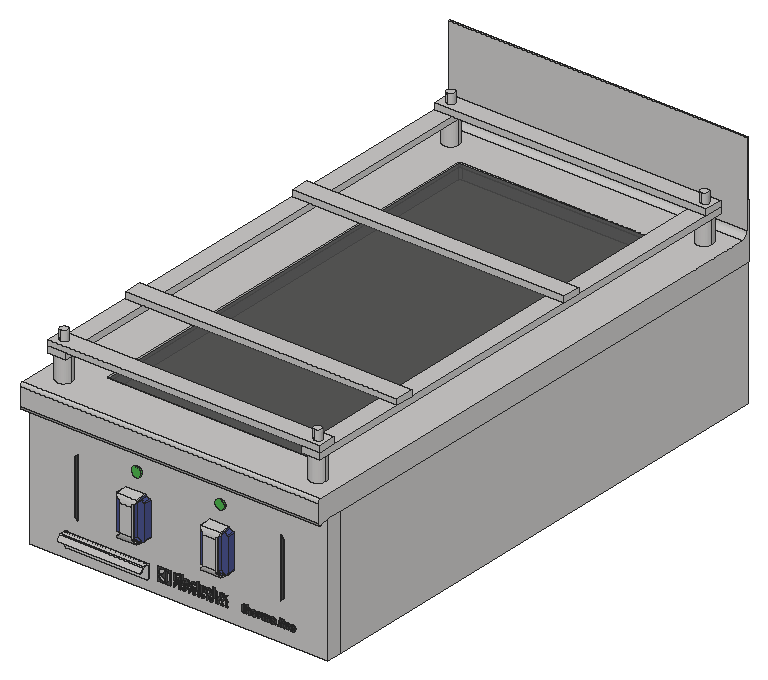
Revit family "QF_ELECTROLUXPROFESSIONAL_589926_HCIBBBEODM", category Specialty Equipment, Revit 2023
Family settings
  Round Connector Dimension = Use Diameter
  Part Type = Normal
  Work Plane-Based = No
  Enable Cutting in Views = No
  Always vertical = Yes
  Cut with Voids When Loaded = No
  Maintain Annotation Orientation = No
  Shared = No
  Room Calculation Point = No
Parameters (values of type "Standard")
  Weight = 55.00 kg
  Watts = 0 W
  Volts = 440 V
  URL Manufacturer = "http://www.electroluxprofessional.com"
  URL = "http://www.electroluxprofessional.com"
  ThermaLine_Logo_Visible [instance] = yes
  Steam Supply Size = 0"
  Steam Supply Minimum Pressure = 0.00 psi
  Steam Supply Maximum Pressure = 0.00 psi
  Steam Consumption per Hour = 0
  Refrigeration Suction Line Size = 0 mm
  Refrigeration Liquid Line Size = 0 mm
  Refrigerant Compressor Remote = yes
  Default Elevation = 0 mm
  Phase = 3
  Model = "HCIBBBEODM"
  Manufacturer = "Electrolux Professional"
  Length Actual = 500 mm
  Item Number = "589926"
  Hot Water Size = 0"
  Height Actual = 250 mm
  HP = "13.4 HP"
  Gas Size = 0"
  Gas KW = 0
  Gas Input Pressure = 0.0 Btu/h
  Electrolux_Logo_Visible [instance] = yes
  Direct Waste Size = 0"
  Description = "INDUCTION TOP, 2 ZONES, 1-SIDE, SPLASHBACK, 500X900X250H MARINE USPHS (ONLY M2M)"
  Depth Actual = 900 mm
  Cycle = 60 Hz
  Condensate Return Size = 0"
  Compressed Air Volume = 0 GPM
  Compressed Air Size = 0"
  Compressed Air Pressure = 0.00 psi
  Cold Water Size = 0"
  Accessory = no
Reference planes
  plane 1 "BACK": y = 0
  plane 2: z = 0
  plane 3 "LEFT": x = 0
  plane 4 "RIGHT": x = 500
  plane 5 "FRONT": y = -900
  plane 6 "TOP": z = 900
  plane 7 "Center (Left/Right)": x = 250
  plane 8: y = -450
  plane 9: y = -150
  plane 10: x = 80
  plane 11: x = 420
  plane 12: y = -80
  plane 13: y = -820
  plane 14 "EIx": x = 455
  plane 15: z = 938
  plane 16 "BaseTop": z = 650
  plane 17: y = -855
  plane 18: z = 975
  plane 19 "EI_Y": y = -410
Forms (mm)
  Extrusion 1, solid, material "QF_Finishes_Stainless Steel"
    sketch origin (-178.969, -4572, 100) x (-1, 0, 0) y (0, -1, 0)
      loop
        line (-178.969, -4572) -> (-178.969, -3717) -> (-678.969, -3717) -> (-678.969, -4572) -> (-178.969, -4572)
    from 550 to 762.969
  Extrusion 2, solid, material "QF_Finishes_Stainless Steel"
    sketch origin (0, 0, 650) x (-1, 0, 0) y (0, -1, 0)
      loop
        circle (-455, 410) r 10
    from 0 to -11.851
  Extrusion 3, solid, material "QF_Finishes_Stainless Steel"
    sketch origin (250, 296.4, 1219.2) x (0, 1, 0) y (0, 0, 1)
      loop
        arc (-1191.4, -319.2) -> (-1194.935, -320.664) -> (-1196.4, -324.2) r 5
        line (-1196.4, -324.2) -> (-1196.4, -355.2)
        arc (-1196.4, -355.2) -> (-1194.971, -358.264) -> (-1191.705, -359.139) r 4
        line (-1191.705, -359.139) -> (-1176.4, -356.231) -> (-296.4, -356.231) -> (-296.4, -169.2) -> (-298.4, -169.2) -> (-298.4, -309.2)
        arc (-298.4, -309.2) -> (-301.329, -316.271) -> (-308.4, -319.2) r 10
        line (-308.4, -319.2) -> (-1191.4, -319.2)
    from -250 to 250
  Extrusion 4, solid, material "QF_Finishes_Electrolux_Black Smoke Iluminated"
    sketch origin (0, 0, 900) x (-1, 0, 0) y (0, -1, 0)
      loop
        arc (-84, 82) -> (-82.586, 82.586) -> (-82, 84) r 2
        line (-82, 84) -> (-82, 816)
        arc (-82, 816) -> (-82.586, 817.414) -> (-84, 818) r 2
        line (-84, 818) -> (-416, 818)
        arc (-416, 818) -> (-417.414, 817.414) -> (-418, 816) r 2
        line (-418, 816) -> (-418, 84)
        arc (-418, 84) -> (-417.414, 82.586) -> (-416, 82) r 2
        line (-416, 82) -> (-84, 82)
    from 0 to -6
  Extrusion 5, void
    sketch origin (0, 0, 900) x (-1, 0, 0) y (0, -1, 0)
      loop
        arc (-80, 816) -> (-81.172, 818.828) -> (-84, 820) r 4
        line (-84, 820) -> (-416, 820)
        arc (-416, 820) -> (-418.828, 818.828) -> (-420, 816) r 4
        line (-420, 816) -> (-420, 84)
        arc (-420, 84) -> (-418.828, 81.172) -> (-416, 80) r 4
        line (-416, 80) -> (-84, 80)
        arc (-84, 80) -> (-81.172, 81.172) -> (-80, 84) r 4
        line (-80, 84) -> (-80, 816)
    from -0.023 to -25
  Extrusion 6, solid, material "QF_Finishes_Stainless Steel"
    sketch origin (97.5, 0, 930) x (0, 1, 0) y (-1, 0, 0)
      loop
        line (-30, 75) -> (-60, 75) -> (-60, -380) -> (-30, -380) -> (-30, 75)
      loop
        line (-870, 75) -> (-870, -380) -> (-840, -380) -> (-840, 75) -> (-870, 75)
      loop
        circle (-855, 60) r 6.5
      loop
        circle (-855, -365) r 6.5
      loop
        circle (-45, 60) r 6.5
      loop
        circle (-45, -365) r 6.5
    from 20 to 30
  Extrusion 7, solid, material "QF_Finishes_Stainless Steel"
    sketch origin (97.5, 0, 940) x (0, 1, 0) y (-1, 0, 0)
      loop
        line (-30, 75) -> (-870, 75) -> (-870, 45) -> (-30, 45) -> (-30, 75)
      loop
        line (-30, -380) -> (-30, -350) -> (-870, -350) -> (-870, -380) -> (-30, -380)
      loop
        circle (-45, 60) r 6.5
      loop
        circle (-45, -365) r 6.5
      loop
        circle (-855, 60) r 6.5
      loop
        circle (-855, -365) r 6.5
    from 0 to 10
  Extrusion 8, solid, material "QF_Finishes_Stainless Steel"
    sketch origin (97.5, 0, 950) x (0, 1, 0) y (-1, 0, 0)
      loop
        line (-327.5, 75) -> (-357.5, 75) -> (-357.5, -380) -> (-327.5, -380) -> (-327.5, 75)
      loop
        line (-677.5, 75) -> (-707.5, 75) -> (-707.5, -380) -> (-677.5, -380) -> (-677.5, 75)
    from 0 to 10
  Extrusion 9, solid, material "QF_Finishes_Stainless Steel"
    sketch origin (97.5, -1, 900) x (-1, 0, 0) y (0, -1, 0)
      loop
        circle (60, 44) r 13
      loop
        circle (-365, 44) r 13
      loop
        circle (60, 854) r 13
      loop
        circle (-365, 854) r 13
    from 0 to 40
  Extrusion 10, solid, material "QF_Finishes_Stainless Steel"
    sketch origin (97.5, -1, 940) x (0, 1, 0) y (-1, 0, 0)
      loop
        circle (-854, 60) r 6.5
      loop
        circle (-854, -365) r 6.5
      loop
        circle (-44, 60) r 6.5
      loop
        circle (-44, -365) r 6.5
    from 0 to 35
  Extrusion 11, solid, material "QF_Clearances", detail levels coarse
    sketch origin (0, -900, 0) x (1, 0, 0) y (0, 0, 1)
      loop
        line (0, 650) -> (0, 630) -> (500, 630) -> (500, 650) -> (0, 650)
    from -20 to -70
Cuts and joins
  Extrusion 5 cuts Extrusion 3
Lines and regions (mm)
  symbolic lines
    curve 1: line (0, 0, 100) -> (500, 0, 100)
    curve 2: line (0, -900, 100) -> (0, 0, 100)
    curve 3: line (500, -900, 100) -> (0, -900, 100)
    curve 4: line (500, 0, 100) -> (500, -900, 100)
    curve 5: line (80, -820, 0) -> (420, -820, 0)
    curve 6: line (420, -820, 0) -> (420, -707.5, 0)
    curve 7: line (420, -80, 0) -> (80, -80, 0)
    curve 8: line (80, -80, 0) -> (80, -327.5, 0)
    curve 9: line (477.5, -30, 940) -> (22.5, -30, 940)
    curve 10: line (22.5, -30, 940) -> (22.5, -870, 940)
    curve 11: line (477.5, -870, 940) -> (477.5, -30, 940)
    curve 12: line (22.5, -870, 940) -> (477.5, -870, 940)
    curve 13: line (52.5, -840, 940) -> (52.5, -707.5, 940)
    curve 14: line (22.5, -707.5, 940) -> (477.5, -707.5, 940)
    curve 15: line (477.5, -677.5, 940) -> (22.5, -677.5, 940)
    curve 16: line (22.5, -357.5, 940) -> (477.5, -357.5, 940)
    curve 17: line (477.5, -327.5, 940) -> (22.5, -327.5, 940)
    curve 18: line (52.5, -60, 940) -> (52.5, -327.5, 940)
    curve 19: line (52.5, -357.5, 940) -> (52.5, -677.5, 940)
    curve 20: line (52.5, -707.5, 940) -> (52.5, -840, 940)
    curve 21: line (22.5, -840, 940) -> (477.5, -840, 940)
    curve 22: line (447.5, -60, 940) -> (447.5, -327.5, 940)
    curve 23: line (447.5, -357.5, 940) -> (447.5, -677.5, 940)
    curve 24: line (447.5, -707.5, 940) -> (447.5, -840, 940)
    curve 25: line (22.5, -60, 940) -> (477.5, -60, 940)
    curve 26: circle (37.5, -45, 940) r 6.5 normal (0, 0, -1)
    curve 27: circle (462.5, -45, 940) r 6.5 normal (0, 0, -1)
    curve 28: circle (37.5, -855, 940) r 6.5 normal (0, 0, 1)
    curve 29: circle (462.5, -855, 940) r 6.5 normal (0, 0, 1)
    curve 30: line (80, -357.5, 0) -> (80, -677.5, 0)
    curve 31: line (420, -327.5, 0) -> (420, -80, 0)
    curve 32: line (420, -677.5, 0) -> (420, -357.5, 0)
    curve 33: line (80, -707.5, 0) -> (80, -820, 0)
    curve 66: line (112.947, -327.5, 0) -> (112.947, -169.335, 0)
    curve 67: line (387.053, -327.5, 0) -> (387.053, -169.335, 0)
    curve 68: line (112.947, -707.5, 0) -> (112.947, -730.665, 0)
    curve 69: line (387.053, -707.5, 0) -> (387.053, -730.665, 0)
  model lines
    curve 34: line (130.624, -422.012, 900) -> (112.947, -404.335, 900)
    curve 35: line (112.947, -169.335, 900) -> (130.624, -151.657, 900)
    curve 36: line (250, -245.603, 900) -> (250, -325.603, 900)
    curve 37: line (210, -285.603, 900) -> (290, -285.603, 900)
    curve 38: line (369.376, -422.012, 900) -> (387.053, -404.335, 900)
    curve 39: line (387.053, -169.335, 900) -> (369.376, -151.657, 900)
    curve 40: line (130.624, -477.988, 900) -> (112.947, -495.665, 900)
    curve 41: line (112.947, -495.665, 900) -> (112.947, -730.665, 900)
    curve 42: line (112.947, -730.665, 900) -> (130.624, -748.343, 900)
    curve 43: line (250, -654.397, 900) -> (250, -574.397, 900)
    curve 44: line (210, -614.397, 900) -> (290, -614.397, 900)
    curve 45: line (369.376, -477.988, 900) -> (387.053, -495.665, 900)
    curve 46: line (387.053, -495.665, 900) -> (387.053, -730.665, 900)
    curve 47: line (387.053, -730.665, 900) -> (369.376, -748.343, 900)
    curve 48: line (112.947, -404.335, 900) -> (112.947, -169.335, 900)
    curve 49: line (387.053, -404.335, 900) -> (387.053, -169.335, 900)
  symbolic lines, style "SpecialityEquipment"
    curve 50: line (130.624, -422.012, 0) -> (112.947, -404.335, 0)
    curve 51: line (112.947, -169.335, 0) -> (130.624, -151.657, 0)
    curve 52: line (250, -245.603, 0) -> (250, -325.603, 0)
    curve 53: line (210, -285.603, 0) -> (290, -285.603, 0)
    curve 54: line (369.376, -422.012, 0) -> (387.053, -404.335, 0)
    curve 55: line (387.053, -169.335, 0) -> (369.376, -151.657, 0)
    curve 56: line (130.624, -477.988, 0) -> (112.947, -495.665, 0)
    curve 57: line (112.947, -495.665, 0) -> (112.947, -677.5, 0)
    curve 58: line (112.947, -730.665, 0) -> (130.624, -748.343, 0)
    curve 59: line (250, -654.397, 0) -> (250, -574.397, 0)
    curve 60: line (210, -614.397, 0) -> (290, -614.397, 0)
    curve 61: line (369.376, -477.988, 0) -> (387.053, -495.665, 0)
    curve 62: line (387.053, -495.665, 0) -> (387.053, -677.5, 0)
    curve 63: line (387.053, -730.665, 0) -> (369.376, -748.343, 0)
    curve 64: line (112.947, -404.335, 0) -> (112.947, -357.5, 0)
    curve 65: line (387.053, -404.335, 0) -> (387.053, -357.5, 0)
Dimensions and locks
  plane 3 "LEFT" to plane 4 "RIGHT" = 500 mm
  locked: plane 5 "FRONT" to plane 1 "BACK" at 900
  equal spacing: plane 3 "LEFT", plane 7 "Center (Left/Right)", plane 4 "RIGHT"
  equal spacing: plane 5 "FRONT", plane 8, plane 1 "BACK"
  plane 6 "TOP" to level = 900 mm  (x2)
  plane 1 "BACK" to plane 9 = 150 mm
  locked: plane 14 "EIx" to plane 4 "RIGHT" at 45
  plane 15 to plane 6 "TOP" = 38 mm
  plane 12 to plane 1 "BACK" = 80 mm
  plane 5 "FRONT" to plane 13 = 80 mm
  plane 3 "LEFT" to plane 10 = 80 mm
  plane 11 to plane 4 "RIGHT" = 80 mm
  locked: plane 6 "TOP" to plane 16 "BaseTop" at 250
  locked: plane 17 to plane 5 "FRONT" at 45
  plane 18 to plane 6 "TOP" = 75 mm
  plane 19 "EI_Y" to plane 1 "BACK" = 410 mm
  aligned and locked: level to plane 2
  aligned and locked: cut or joined group of Extrusion 3, Extrusion 5 to plane 3 "LEFT"
  aligned and locked: cut or joined group of Extrusion 3, Extrusion 5 to plane 4 "RIGHT"
  aligned and locked: Extrusion 5 sketch curve to plane 10
  aligned and locked: plane 12 to Extrusion 5 sketch curve
  aligned and locked: plane 11 to Extrusion 5 sketch curve
  aligned and locked: Extrusion 5 sketch curve to plane 13
  aligned and locked: nested 1 to plane 17
  aligned and locked: Extrusion 1 to plane 17
  aligned and locked: plane 3 "LEFT" to nested 1
Automatic sketch dimensions
  Extrusion 1 sketch curve to plane 4 "RIGHT" = 0 mm
  Extrusion 1 sketch curve to plane 3 "LEFT" = 0 mm
  Extrusion 1 sketch curve to plane 17 = 0 mm
  Extrusion 1 sketch curve to plane 12 = 80 mm
  plane 1 "BACK" to curve 1 = 0 mm
  curve 1 to plane 4 "RIGHT" = 0 mm
  curve 3 to plane 3 "LEFT" = 0 mm
  plane 5 "FRONT" to curve 3 = 0 mm
  Extrusion 6 sketch curve to plane 17 = 0 mm  (x2)
  Extrusion 6 sketch curve to plane 17 = 15 mm
  plane 17 to Extrusion 6 sketch curve = 15 mm
  Extrusion 6 sketch curve to plane 12 = 20 mm
  Extrusion 6 sketch curve to Extrusion 6 sketch curve = 15 mm  (x7)
  Extrusion 6 sketch curve to plane 14 "EIx" = 7.5 mm  (x2)
  plane 3 "LEFT" to Extrusion 6 sketch curve = 37.5 mm  (x2)
  Extrusion 7 sketch curve to plane 17 = 0 mm  (x2)
  plane 14 "EIx" to Extrusion 7 sketch curve = 7.5 mm
  Extrusion 7 sketch curve to plane 17 = 15 mm  (x2)
  Extrusion 7 sketch curve to plane 12 = 35 mm  (x2)
  Extrusion 7 sketch curve to plane 14 "EIx" = 7.5 mm  (x2)
  Extrusion 7 sketch curve to Extrusion 7 sketch curve = 15 mm  (x6)
  plane 10 to Extrusion 7 sketch curve = 27.5 mm
  Extrusion 9 sketch curve to plane 17 = 0 mm  (x2)
  Extrusion 9 sketch curve to plane 14 "EIx" = 7.5 mm  (x2)
  plane 3 "LEFT" to Extrusion 9 sketch curve = 37.5 mm  (x2)
  Extrusion 9 sketch curve to plane 12 = 35 mm  (x2)
  Extrusion 10 sketch curve to plane 17 = 0 mm  (x2)
  Extrusion 10 sketch curve to plane 14 "EIx" = 7.5 mm  (x2)
  Extrusion 10 sketch curve to plane 12 = 35 mm  (x2)
  plane 3 "LEFT" to Extrusion 10 sketch curve = 37.5 mm  (x2)
  curve 45 to plane 8 = 45.665 mm
  curve 39 to plane 9 = 19.335 mm
  curve 40 to plane 8 = 45.665 mm
  plane 8 to curve 34 = 45.665 mm
  curve 34 to curve 40 = 0 mm
  curve 35 to plane 9 = 19.335 mm
  curve 39 to plane 9 = 1.657 mm
  curve 49 to curve 39 = 17.678 mm
  curve 45 to plane 8 = 27.988 mm
  curve 45 to curve 45 = 17.678 mm
  plane 8 to curve 38 = 27.988 mm
  curve 38 to curve 38 = 17.678 mm
  curve 37 to curve 36 = 40 mm  (x2)
  curve 44 to curve 43 = 40 mm  (x2)
  curve 36 to curve 37 = 40 mm  (x2)
  curve 43 to curve 44 = 40 mm  (x2)
  plane 8 to curve 34 = 27.988 mm
  curve 34 to curve 34 = 17.678 mm
  curve 35 to plane 9 = 1.657 mm
  curve 35 to curve 48 = 17.678 mm
  curve 40 to plane 8 = 27.988 mm
  curve 40 to curve 40 = 17.678 mm
  curve 36 to plane 9 = 95.603 mm
  plane 3 "LEFT" to Extrusion 8 sketch curve = 22.5 mm  (x2)
  plane 8 to Extrusion 8 sketch curve = 92.5 mm
  Extrusion 8 sketch curve to Extrusion 8 sketch curve = 30 mm  (x2)
  plane 4 "RIGHT" to Extrusion 8 sketch curve = 22.5 mm  (x2)
  plane 10 to curve 20 = 27.5 mm
  plane 14 "EIx" to curve 24 = 7.5 mm
  plane 17 to curve 24 = 15 mm
  plane 10 to curve 19 = 27.5 mm
  plane 8 to curve 19 = 92.5 mm
  plane 14 "EIx" to curve 22 = 7.5 mm
  curve 23 to curve 22 = 30 mm
  curve 25 to plane 12 = 20 mm
  plane 14 "EIx" to curve 23 = 7.5 mm
  plane 4 "RIGHT" to curve 14 = 22.5 mm
  plane 4 "RIGHT" to curve 17 = 22.5 mm
  plane 4 "RIGHT" to curve 16 = 22.5 mm
  plane 4 "RIGHT" to curve 15 = 22.5 mm
  plane 10 to curve 18 = 27.5 mm
  curve 13 to curve 20 = 0 mm
  plane 3 "LEFT" to curve 15 = 22.5 mm
  plane 3 "LEFT" to curve 14 = 22.5 mm
  plane 3 "LEFT" to curve 16 = 22.5 mm
  plane 3 "LEFT" to curve 17 = 22.5 mm
  curve 5 to plane 10 = 0 mm
  curve 30 to plane 10 = 0 mm
  curve 8 to plane 10 = 0 mm
  curve 6 to plane 11 = 0 mm
  curve 31 to plane 11 = 0 mm
  curve 32 to plane 11 = 0 mm
  plane 13 to curve 5 = 0 mm
  plane 12 to curve 8 = 0 mm
  plane 8 to curve 32 = 92.5 mm
  plane 8 to curve 30 = 92.5 mm
  curve 32 to curve 31 = 30 mm
  curve 30 to curve 8 = 30 mm
  curve 33 to plane 13 = 112.5 mm
  curve 6 to plane 13 = 112.5 mm
  curve 6 to curve 32 = 30 mm
  curve 33 to curve 30 = 30 mm
  Extrusion 8 sketch curve to plane 13 = 142.5 mm
  curve 13 to plane 13 = 112.5 mm
  curve 14 to curve 15 = 30 mm
  curve 43 to plane 8 = 124.397 mm
  Extrusion 2 sketch curve to plane 14 "EIx" = 0 mm
  Extrusion 2 sketch curve to plane 19 "EI_Y" = 0 mm
  plane 10 to Extrusion 11 sketch curve = 80 mm
  Extrusion 11 sketch curve to plane 16 "BaseTop" = 20 mm
  Extrusion 11 sketch curve to plane 4 "RIGHT" = 0 mm
  Extrusion 11 sketch curve to plane 18 = 325 mm
  Extrusion 3 sketch curve to plane 5 "FRONT" = 0 mm
  Extrusion 3 sketch curve to plane 6 "TOP" = 0 mm
  Extrusion 3 sketch curve to plane 1 "BACK" = 0 mm
  Extrusion 3 sketch curve to Extrusion 3 sketch curve = 4 mm
  Extrusion 3 sketch curve to Extrusion 3 sketch curve = 0.695 mm
  Extrusion 3 sketch curve to plane 5 "FRONT" = 5 mm
  Extrusion 3 sketch curve to Extrusion 3 sketch curve = 15.305 mm
  plane 1 "BACK" to Extrusion 3 sketch curve = 2 mm
  Extrusion 3 sketch curve to Extrusion 3 sketch curve = 31 mm
  Extrusion 3 sketch curve to plane 6 "TOP" = 37.031 mm
  plane 6 "TOP" to Extrusion 3 sketch curve = 10 mm
  plane 18 to Extrusion 3 sketch curve = 75 mm
  curve 36 to plane 7 "Center (Left/Right)" = 0 mm
  curve 43 to plane 7 "Center (Left/Right)" = 0 mm
  curve 42 to plane 13 = 89.335 mm
  curve 42 to plane 10 = 32.947 mm
  plane 11 to curve 46 = 32.947 mm
  plane 11 to Extrusion 4 sketch curve = 2 mm
  plane 12 to Extrusion 4 sketch curve = 2 mm
  Extrusion 4 sketch curve to Extrusion 4 sketch curve = 2 mm  (x3)
  Extrusion 4 sketch curve to plane 10 = 4 mm  (x2)
  Extrusion 4 sketch curve to plane 13 = 4 mm
  plane 11 to Extrusion 5 sketch curve = 4 mm  (x2)
  Extrusion 5 sketch curve to Extrusion 5 sketch curve = 4 mm  (x2)
  curve 42 to curve 42 = 17.678 mm  (x2)
  plane 11 to curve 38 = 32.947 mm
  curve 47 to plane 13 = 89.335 mm
  curve 47 to curve 47 = 17.678 mm  (x2)
  plane 19 "EI_Y" to curve 50 = 5.665 mm
  curve 50 to plane 10 = 32.947 mm
  curve 50 to plane 19 "EI_Y" = 12.012 mm
  curve 50 to curve 50 = 17.678 mm
  curve 51 to plane 9 = 1.657 mm
  curve 51 to curve 51 = 17.678 mm
  curve 51 to plane 9 = 19.335 mm
  curve 52 to plane 7 "Center (Left/Right)" = 0 mm
  plane 19 "EI_Y" to curve 52 = 84.397 mm
  curve 52 to curve 52 = 80 mm
  curve 53 to plane 7 "Center (Left/Right)" = 40 mm
  plane 7 "Center (Left/Right)" to curve 53 = 40 mm
  curve 53 to curve 52 = 40 mm
  curve 54 to plane 19 "EI_Y" = 12.012 mm
  plane 11 to curve 54 = 50.624 mm
  plane 19 "EI_Y" to curve 54 = 5.665 mm
  curve 54 to curve 54 = 17.678 mm
  curve 55 to plane 9 = 1.657 mm
  curve 55 to curve 55 = 17.678 mm
  curve 55 to plane 9 = 19.335 mm
  curve 56 to curve 56 = 17.678 mm  (x2)
  curve 56 to plane 8 = 45.665 mm
  curve 68 to plane 10 = 32.947 mm
  curve 68 to curve 33 = 23.165 mm
  curve 68 to curve 58 = 17.678 mm
  curve 58 to curve 68 = 17.678 mm
  curve 59 to plane 7 "Center (Left/Right)" = 0 mm
  curve 58 to curve 59 = 93.946 mm
  curve 59 to curve 59 = 80 mm
  curve 60 to plane 7 "Center (Left/Right)" = 40 mm
  plane 7 "Center (Left/Right)" to curve 60 = 40 mm
  curve 59 to curve 60 = 40 mm
  plane 11 to curve 61 = 50.624 mm
  curve 61 to curve 61 = 17.678 mm  (x2)
  curve 61 to plane 8 = 45.665 mm
  curve 69 to curve 6 = 23.165 mm
  curve 63 to curve 69 = 17.678 mm  (x2)
  plane 19 "EI_Y" to curve 49 = 5.665 mm
  curve 30 to curve 66 = 30 mm
  curve 32 to curve 67 = 30 mm
  curve 57 to curve 30 = 0 mm
  curve 69 to curve 32 = 30 mm
  curve 57 to plane 10 = 32.947 mm
  curve 68 to curve 57 = 30 mm
  curve 69 to curve 62 = 0 mm
  curve 69 to curve 62 = 30 mm
  plane 11 to curve 55 = 32.947 mm
  curve 65 to curve 67 = 30 mm
  curve 66 to plane 10 = 32.947 mm
  curve 64 to curve 66 = 30 mm
  plane 3 "LEFT" to curve 25 = 22.5 mm
  plane 4 "RIGHT" to curve 25 = 22.5 mm
  plane 4 "RIGHT" to curve 21 = 22.5 mm
  plane 3 "LEFT" to curve 21 = 22.5 mm
  radius of Extrusion 6 sketch curve = 6.5 mm  (x4)
  radius of Extrusion 7 sketch curve = 6.5 mm  (x4)
  radius of Extrusion 9 sketch curve = 13 mm  (x4)
  radius of Extrusion 10 sketch curve = 6.5 mm  (x4)
  radius of Extrusion 2 sketch curve = 10 mm
Nested families
  nested 1: "Front_Panel_W500_2 Knobs_Maniglia" at (-147.624, -855, 0), type "Front_Panel_W500_2 Knobs_Maniglia"
  nested 2: "ELX_Professional_Logo_Small" at (274.486, -880, 681.68) x (1, 0, 0) z (0, -1, 0), visible <- "Electrolux_Logo_Visible", type "ELX_Professional_Logo_Small"
    with Show Logo yes, Material_Logo QF_Finishes_Black
  nested 3: "ELX_ThermaLine_Small" at (396.407, -880, 679.447) x (1, 0, 0) z (0, -1, 0), visible <- "ThermaLine_Logo_Visible", type "ELX_ThermaLine_Small"
    with Show Logo yes, Material_Logo QF_Finishes_Black
Connectors
  electrical at (455, -410, 638.149)
    settings: on Extrusion 2, index 1, voltage 400 V, apparent load 33000 VA, apparent load phase1 0 VA, apparent load phase2 0 VA, apparent load phase3 0 VA, power factor 1, load classification "Other", number of poles 1, system type 30, power factor state 1, is connector primary yes, connector utility no, sub classification motor no, connector description "ELECTRICAL CONNECTION"
Definition of nested family "Front_Panel_W500_2 Knobs_Maniglia"
  Parameters (values of type "Front_Panel_W500_2 Knobs_Maniglia")
    Width = 500 mm
    Default Elevation = 0 mm
  Reference planes
    plane 1 "Center (Front/Back)": y = 0
    plane 2: z = 0
    plane 3 "Center (Left/Right)": x = 397.624
    plane 4 "Left": x = 147.624
    plane 5 "Right": x = 647.624
    plane 6: y = -45
    plane 7: y = -25
    plane 8: x = 572.624
    plane 9: x = 222.624
    plane 10: z = 650
    plane 11: z = 762
    plane 12: z = 822
    plane 13: x = 327.624
    plane 14: x = 467.624
  Forms (mm)
    Extrusion 1, solid
      sketch origin (833.217, 829.203, -1.25) x (0, 1, 0) y (0, 0, 1)
        loop
          line (-854.203, 651.25) -> (-829.203, 651.25) -> (-829.203, 864.25) -> (-854.203, 864.25) -> (-854.203, 651.25)
      from -685.593 to -185.593
    Extrusion 2, void
      sketch origin (0, 0, 0) x (1, 0, 0) y (0, 0, 1)
        loop
          line (222.624, 716.978) -> (227.624, 711.978) -> (227.624, 811.978) -> (222.624, 806.978) -> (222.624, 716.978)
        loop
          line (572.624, 806.978) -> (567.624, 811.978) -> (567.624, 711.978) -> (572.624, 716.978) -> (572.624, 806.978)
      from 23 to 25
    Extrusion 3, solid
      sketch origin (0, 0, 0) x (1, 0, 0) y (0, 0, 1)
        loop
          line (222.624, 716.978) -> (227.624, 711.978) -> (227.624, 811.978) -> (222.624, 806.978) -> (222.624, 716.978)
        loop
          line (572.624, 806.978) -> (567.624, 811.978) -> (567.624, 711.978) -> (572.624, 716.978) -> (572.624, 806.978)
      from 23 to 25
    Extrusion 4, solid
      sketch origin (-4.774, 0, -6.594) x (1, 0, 0) y (0, 0, 1)
        loop
          circle (332.398, 828.594) r 8
      from 27 to 25
    Extrusion 5, solid
      sketch origin (135.226, 0, -6.594) x (1, 0, 0) y (0, 0, 1)
        loop
          circle (332.398, 828.594) r 8
      from 27 to 25
  Cuts and joins
    Extrusion 2 cuts Extrusion 1
  Dimensions and locks
    equal spacing: plane 5 "Right", plane 3 "Center (Left/Right)", plane 4 "Left"
    "Width": plane 5 "Right" to plane 4 "Left"
    plane 9 to plane 4 "Left" = 75 mm
    plane 5 "Right" to plane 8 = 75 mm
    plane 3 "Center (Left/Right)" to plane 13 = 70 mm
    plane 14 to plane 3 "Center (Left/Right)" = 70 mm
    aligned and locked: cut or joined group of Extrusion 1, Extrusion 2 to plane 4 "Left"
    aligned and locked: plane 5 "Right" to cut or joined group of Extrusion 1, Extrusion 2
    aligned and locked: plane 13 to nested 1
    aligned and locked: plane 14 to nested 2
  Automatic sketch dimensions
    Extrusion 1 sketch curve to plane 7 = 0 mm
    Extrusion 1 sketch curve to plane 1 "Center (Front/Back)" = 0 mm
    Extrusion 1 sketch curve to plane 10 = 0 mm
    plane 12 to Extrusion 1 sketch curve = 41 mm
    Extrusion 2 sketch curve to plane 9 = 0 mm
    Extrusion 2 sketch curve to plane 8 = 0 mm
    plane 9 to Extrusion 2 sketch curve = 5 mm
    Extrusion 2 sketch curve to plane 8 = 5 mm
    Extrusion 2 sketch curve to plane 11 = 50.022 mm  (x2)
    Extrusion 2 sketch curve to Extrusion 2 sketch curve = 5 mm  (x4)
    Extrusion 2 sketch curve to plane 12 = 15.022 mm  (x2)
    Extrusion 3 sketch curve to plane 9 = 0 mm
    Extrusion 3 sketch curve to plane 8 = 0 mm
    plane 9 to Extrusion 3 sketch curve = 5 mm
    Extrusion 3 sketch curve to plane 8 = 5 mm
    Extrusion 3 sketch curve to plane 11 = 50.022 mm  (x2)
    Extrusion 3 sketch curve to Extrusion 3 sketch curve = 5 mm  (x4)
    Extrusion 3 sketch curve to plane 12 = 15.022 mm  (x2)
    Extrusion 4 sketch curve to plane 12 = 0 mm
    Extrusion 4 sketch curve to plane 13 = 0 mm
    Extrusion 5 sketch curve to plane 12 = 0 mm
    Extrusion 5 sketch curve to plane 14 = 0 mm
    radius of Extrusion 4 sketch curve = 8 mm
    radius of Extrusion 5 sketch curve = 8 mm
  Nested families
    nested 1: "Range Control Handle" at (327.624, -28.137, -209.113) x (-1, 0, 0) z (0, 0, 1), type "Range Control Handle"
    nested 2: "Range Control Handle" at (467.624, -28.137, -209.113) x (-1, 0, 0) z (0, 0, 1), type "Range Control Handle"
    nested 3: "QF_ELECTROLUXPROFESSIONAL_Maniglia140x25" at (277.624, -25, 678.5) x (1, 0, 0) z (0, -1, 0), type "QF_ELECTROLUXPROFESSIONAL_Maniglia140x25"
      with Show Clearance yes
  Definition of nested family "Range Control Handle"
    Parameters (values of type "Range Control Handle")
      Default Elevation = 0 mm
    Reference planes
      plane 1 "Center (Front/Back)": y = 0
      plane 2: z = 0
      plane 3 "Center (Left/Right)": x = 0
      plane 4: z = 971.092
      plane 5: y = -16.9
    Forms (mm)
      Extrusion 1, solid
        sketch origin (-746.28, 380.497, 208.931) x (-1, 0, 0) y (0, 0, 1)
          loop
            line (-770.101, 786.798) -> (-770.101, 731.649)
            arc (-770.101, 731.649) -> (-769.759, 730.563) -> (-768.855, 729.87) r 1.893
            line (-768.855, 729.87) -> (-763.474, 727.911) -> (-729.81, 727.911) -> (-724.428, 729.87)
            arc (-724.428, 729.87) -> (-723.525, 730.563) -> (-723.183, 731.649) r 1.893
            line (-723.183, 731.649) -> (-723.183, 786.798)
            arc (-723.183, 786.798) -> (-723.529, 787.894) -> (-724.44, 788.593) r 1.91
            line (-724.44, 788.593) -> (-729.683, 790.819) -> (-763.601, 790.819) -> (-768.844, 788.593)
            arc (-768.844, 788.593) -> (-769.755, 787.894) -> (-770.101, 786.798) r 1.91
        from -397.397 to -378.852
      Sweep 2, solid
        path origin (-746.788, 380.496, 208.091) x (0, -1, 0) y (0, 0, 1)
          loop
            line (379.775, 793.281) -> (395.661, 791.048)
            arc (395.661, 791.048) -> (397.781, 787.377) -> (398.517, 783.202) r 12.207
            line (398.517, 783.202) -> (398.517, 737.368)
            arc (398.517, 737.368) -> (397.781, 733.193) -> (395.661, 729.522) r 12.207
            line (395.661, 729.522) -> (379.775, 727.289)
        profile origin (-746.788, -7.222, 1000.256) x (0, -0.139173, 0.990268) y (-1, 0, 0)
          loop
            line (0.782, -763.123) -> (0.782, -730.907) -> (-1.322, -730.907) -> (-1.322, -763.123) -> (0.782, -763.123)
      Sweep 3, solid
        path origin (-746.788, 380.715, 207.832) x (0, -1, 0) y (0, 0, 1)
          loop
            line (380.478, 795.442) -> (397.218, 793.09)
            arc (397.218, 793.09) -> (399.929, 788.473) -> (400.871, 783.202) r 15.207
            line (400.871, 783.202) -> (400.871, 737.584)
            arc (400.871, 737.584) -> (399.914, 732.274) -> (397.164, 727.633) r 15.207
            line (397.164, 727.633) -> (380.601, 725.305)
        profile origin (-746.788, -8.132, 1002.099) x (0, -0.139173, 0.990268) y (-1, 0, 0)
          loop
            line (0.782, -763.123) -> (0.782, -730.907) -> (-1.322, -730.907) -> (-1.322, -763.123) -> (0.782, -763.123)
      Extrusion 4, void
        sketch origin (889.253, 220.666, 207.993) x (1, 0, 0) y (0, 0, 1)
          loop
            line (-943.038, 816.854) -> (-943.038, 703.686) -> (-899.466, 734.196) -> (-899.466, 786.344) -> (-943.038, 816.854)
        from 230.636 to 242.25
      Extrusion 5, void
        sketch origin (-888.8, 220.666, 207.993) x (-1, 0, 0) y (0, 0, -1)
          loop
            line (-943.038, -816.854) -> (-899.466, -786.344) -> (-899.466, -734.196) -> (-943.038, -703.686) -> (-943.038, -816.854)
        from 230.636 to 242.25
      Extrusion 6, solid
        sketch origin (0, 0, 0) x (1, 0, 0) y (0, 0, 1)
          loop
            circle (0, 971.092) r 7.736
        from -3.137 to -1.645
    Cuts and joins
      Extrusion 4, Extrusion 5 cuts Sweep 3
      Extrusion 4, Extrusion 5 cuts Sweep 2
      Extrusion 4, Extrusion 5 cuts Extrusion 1
      joined: Extrusion 1, Extrusion 6
    Lines and regions (mm)
      symbolic lines
        curve 1: line (16.334, -16.9, 0) -> (16.334, -19.227, 0)
        curve 2: spline (16.334, -19.227, 0) -> (15.87, -19.385, 0) -> (15.404, -19.536, 0) -> (14.936, -19.678, 0) -> (14.466, -19.813, 0) -> (13.995, -19.94, 0) -> (13.523, -20.059, 0) -> (13.049, -20.171, 0) -> (12.575, -20.274, 0) -> (12.099, -20.37, 0) -> (11.622, -20.458, 0) -> (11.144, -20.537, 0) -> (10.666, -20.609, 0)
        curve 3: line (10.666, -16.9, 0) -> (10.666, -20.938, 0)
        curve 4: line (-10.213, -20.938, 0) -> (10.666, -20.938, 0)
        curve 5: line (-10.213, -20.938, 0) -> (-10.213, -16.9, 0)
        curve 6: spline (-10.213, -20.609, 0) -> (-10.691, -20.537, 0) -> (-11.169, -20.458, 0) -> (-11.646, -20.37, 0) -> (-12.122, -20.274, 0) -> (-12.597, -20.171, 0) -> (-13.07, -20.059, 0) -> (-13.542, -19.94, 0) -> (-14.013, -19.813, 0) -> (-14.483, -19.678, 0) -> (-14.951, -19.536, 0) -> (-15.417, -19.385, 0) -> (-15.881, -19.227, 0)
        curve 7: line (-15.881, -19.227, 0) -> (-15.881, -16.9, 0)
  Definition of nested family "QF_ELECTROLUXPROFESSIONAL_Maniglia140x25"
    Parameters (values of type "QF_ELECTROLUXPROFESSIONAL_Maniglia140x25")
      Show Clearance [instance] = yes
      Default Elevation = 0 mm
    Reference planes
      plane 1 "Centro (Fronte/Retro)": y = 0
      plane 2: z = 0
      plane 3 "Centro (Sinistra/Destra)": x = 0
      plane 4: z = 45
      plane 5: z = 190
    Forms (mm)
      Extrusion 1, solid
        sketch origin (0, 0, 0) x (1, 0, 0) y (0, 1, 0)
          loop
            line (-300, 264.759) -> (-300, -290.478) -> (279.788, -290.478) -> (279.788, 264.759) -> (-300, 264.759)
        from 0 to -10
      Extrusion 2, solid
        sketch origin (0, 0, 0) x (0, 1, 0) y (0, 0, 1)
          loop
            arc (10.5, 0) -> (11.914, 0.586) -> (12.5, 2) r 2
            line (12.5, 2) -> (12.5, 10.926)
            arc (12.5, 10.926) -> (12.232, 11.926) -> (11.5, 12.658) r 2
            line (11.5, 12.658) -> (3.897, 17.047) -> (3.397, 16.181) -> (10.75, 11.936)
            arc (10.75, 11.936) -> (11.299, 11.387) -> (11.5, 10.637) r 1.5
            line (11.5, 10.637) -> (11.5, 2.499)
            arc (11.5, 2.499) -> (11.061, 1.439) -> (10.001, 1) r 1.499
            line (10.001, 1) -> (-12.5, 1) -> (-12.5, 0) -> (10.5, 0)
        from -70 to 70
      Extrusion 3, void
        sketch origin (0, 0, 0) x (1, 0, 0) y (0, 1, 0)
          loop
            line (-70, -12.5) -> (-67, -12.5)
            arc (-67, -12.5) -> (-69.121, -11.621) -> (-70, -9.5) r 3
            line (-70, -9.5) -> (-70, -12.5)
          loop
            line (70, -12.5) -> (70, -9.5)
            arc (70, -9.5) -> (69.121, -11.621) -> (67, -12.5) r 3
            line (67, -12.5) -> (70, -12.5)
        from 0 to 1.61
      Extrusion 4, void
        sketch origin (0, 15.897, 0) x (1, 0, 0) y (0, 1, 0)
          loop
            line (-70, -12.5) -> (-67, -12.5)
            arc (-67, -12.5) -> (-69.121, -11.621) -> (-70, -9.5) r 3
            line (-70, -9.5) -> (-70, -12.5)
          loop
            line (70, -12.5) -> (70, -9.5)
            arc (70, -9.5) -> (69.121, -11.621) -> (67, -12.5) r 3
            line (67, -12.5) -> (70, -12.5)
        from 17.313 to 14.099
    Cuts and joins
      Extrusion 3, Extrusion 4 cuts Extrusion 2
    Dimensions and locks
      plane 4 to level = 45 mm
      plane 5 to plane 4 = 145 mm
      aligned and locked: plane 2 to Extrusion 1
      aligned and locked: level to Extrusion 1
Definition of nested family "ELX_Professional_Logo_Small"
  Parameters (values of type "ELX_Professional_Logo_Small")
    Show Logo [instance] = yes
    Material_Logo [instance] = none
    Default Elevation = 0 mm
  Reference planes
    plane 1 "Centro (Fronte/Retro)": y = 0
    plane 2: z = 0
    plane 3 "Centro (Sinistra/Destra)": x = 0
  Forms (mm)
    Extrusion 1, solid
      sketch origin (0, 0, 0) x (1, 0, 0) y (0, 1, 0)
        loop
          line (-1219.2, 1219.2) -> (-1219.2, -1219.2) -> (1219.2, -1219.2) -> (1219.2, 1219.2) -> (-1219.2, 1219.2)
      from 0 to -304.8
    Extrusion 2, solid, material <- "Material_Logo"
      sketch origin (15.5, 0, 0) x (1, 0, 0) y (0, 1, 0)
        loop
          spline (-42.99, -1.24) -> (-43.195, -1.231) -> (-43.415, -1.203) -> (-43.642, -1.152) -> (-43.87, -1.074) -> (-44.095, -0.966) -> (-44.309, -0.825) -> (-44.506, -0.647) -> (-44.681, -0.429) -> (-44.828, -0.167) -> (-44.94, 0.142) -> (-45.011, 0.501) -> (-45.037, 0.915)
          line (-45.037, 0.915) -> (-45.037, 2.748) -> (-38.984, 2.748) -> (-38.984, 5.086) -> (-45.038, 5.086) -> (-45.038, 8.489) -> (-38.599, 8.489) -> (-38.599, 10.82) -> (-47.515, 10.82) -> (-47.515, 1.021)
          spline (-47.515, 1.021) -> (-47.493, 0.418) -> (-47.425, -0.15) -> (-47.311, -0.682) -> (-47.15, -1.175) -> (-46.939, -1.628) -> (-46.678, -2.038) -> (-46.365, -2.404) -> (-46, -2.723) -> (-45.58, -2.995) -> (-45.105, -3.216) -> (-44.573, -3.385) -> (-43.983, -3.499)
          line (-43.983, -3.499) -> (-43.01, -3.569) -> (-38.426, -3.569) -> (-38.426, -1.24) -> (-42.99, -1.24)
        loop
          line (-36.666, 4.021) -> (-36.666, -3.573) -> (-34.188, -3.573) -> (-34.188, 10.824) -> (-36.666, 10.824) -> (-36.666, 4.021)
        loop
          spline (-21.915, 1.897) -> (-21.957, 2.615) -> (-22.082, 3.303) -> (-22.285, 3.955) -> (-22.563, 4.564) -> (-22.913, 5.124) -> (-23.331, 5.629) -> (-23.814, 6.074) -> (-24.359, 6.451) -> (-24.961, 6.755) -> (-25.618, 6.98) -> (-26.326, 7.119) -> (-27.081, 7.167)
          spline (-27.081, 7.167) -> (-27.853, 7.122) -> (-28.586, 6.99) -> (-29.275, 6.774) -> (-29.915, 6.478) -> (-30.5, 6.104) -> (-31.024, 5.657) -> (-31.483, 5.138) -> (-31.871, 4.553) -> (-32.182, 3.904) -> (-32.411, 3.194) -> (-32.552, 2.427) -> (-32.6, 1.606)
          spline (-32.6, 1.606) -> (-32.553, 0.805) -> (-32.416, 0.057) -> (-32.193, -0.637) -> (-31.887, -1.271) -> (-31.504, -1.843) -> (-31.048, -2.35) -> (-30.523, -2.788) -> (-29.934, -3.154) -> (-29.284, -3.444) -> (-28.579, -3.656) -> (-27.822, -3.785) -> (-27.019, -3.829)
          spline (-27.019, -3.829) -> (-26.627, -3.82) -> (-26.239, -3.79) -> (-25.856, -3.739) -> (-25.477, -3.663) -> (-25.103, -3.562) -> (-24.734, -3.432) -> (-24.369, -3.273) -> (-24.01, -3.082) -> (-23.655, -2.858) -> (-23.305, -2.597) -> (-22.96, -2.299) -> (-22.621, -1.962)
          line (-22.621, -1.962) -> (-24.114, -0.509)
          spline (-24.114, -0.509) -> (-24.311, -0.699) -> (-24.509, -0.872) -> (-24.71, -1.03) -> (-24.915, -1.172) -> (-25.126, -1.297) -> (-25.346, -1.407) -> (-25.576, -1.5) -> (-25.817, -1.576) -> (-26.072, -1.636) -> (-26.342, -1.678) -> (-26.629, -1.704) -> (-26.936, -1.713)
          spline (-26.936, -1.713) -> (-27.384, -1.691) -> (-27.805, -1.625) -> (-28.196, -1.518) -> (-28.556, -1.372) -> (-28.882, -1.187) -> (-29.174, -0.966) -> (-29.429, -0.71) -> (-29.645, -0.422) -> (-29.821, -0.102) -> (-29.955, 0.247) -> (-30.045, 0.623) -> (-30.089, 1.026)
          line (-30.089, 1.026) -> (-21.956, 1.026) -> (-21.915, 1.897)
        loop
          spline (-24.446, 2.769) -> (-24.47, 3.075) -> (-24.54, 3.37) -> (-24.654, 3.65) -> (-24.807, 3.913) -> (-24.996, 4.156) -> (-25.219, 4.376) -> (-25.472, 4.57) -> (-25.753, 4.736) -> (-26.057, 4.869) -> (-26.382, 4.968) -> (-26.724, 5.03) -> (-27.081, 5.051)
          spline (-27.081, 5.051) -> (-27.464, 5.03) -> (-27.832, 4.97) -> (-28.183, 4.872) -> (-28.513, 4.74) -> (-28.819, 4.577) -> (-29.099, 4.384) -> (-29.347, 4.165) -> (-29.563, 3.923) -> (-29.742, 3.659) -> (-29.881, 3.377) -> (-29.977, 3.079) -> (-30.027, 2.769)
          line (-30.027, 2.769) -> (-24.446, 2.769)
        loop
          spline (-18.167, 1.669) -> (-18.138, 2.13) -> (-18.055, 2.567) -> (-17.921, 2.978) -> (-17.739, 3.358) -> (-17.512, 3.705) -> (-17.243, 4.016) -> (-16.937, 4.287) -> (-16.596, 4.517) -> (-16.223, 4.7) -> (-15.823, 4.835) -> (-15.398, 4.919) -> (-14.951, 4.947)
          spline (-14.951, 4.947) -> (-14.677, 4.938) -> (-14.414, 4.913) -> (-14.162, 4.871) -> (-13.921, 4.812) -> (-13.69, 4.738) -> (-13.467, 4.649) -> (-13.254, 4.544) -> (-13.048, 4.424) -> (-12.85, 4.291) -> (-12.659, 4.143) -> (-12.474, 3.981) -> (-12.295, 3.806)
          line (-12.295, 3.806) -> (-10.76, 5.403)
          spline (-10.76, 5.403) -> (-11.065, 5.709) -> (-11.38, 5.984) -> (-11.703, 6.228) -> (-12.035, 6.443) -> (-12.375, 6.63) -> (-12.723, 6.788) -> (-13.078, 6.92) -> (-13.44, 7.026) -> (-13.809, 7.107) -> (-14.184, 7.164) -> (-14.564, 7.198) -> (-14.951, 7.209)
          spline (-14.951, 7.209) -> (-15.725, 7.161) -> (-16.467, 7.02) -> (-17.169, 6.792) -> (-17.826, 6.482) -> (-18.43, 6.096) -> (-18.976, 5.637) -> (-19.455, 5.112) -> (-19.862, 4.525) -> (-20.19, 3.882) -> (-20.433, 3.189) -> (-20.584, 2.449) -> (-20.635, 1.669)
          spline (-20.635, 1.669) -> (-20.584, 0.889) -> (-20.433, 0.149) -> (-20.19, -0.545) -> (-19.862, -1.187) -> (-19.455, -1.774) -> (-18.976, -2.299) -> (-18.43, -2.758) -> (-17.826, -3.145) -> (-17.169, -3.454) -> (-16.467, -3.682) -> (-15.725, -3.823) -> (-14.951, -3.871)
          spline (-14.951, -3.871) -> (-14.564, -3.86) -> (-14.184, -3.826) -> (-13.809, -3.77) -> (-13.44, -3.689) -> (-13.078, -3.583) -> (-12.723, -3.451) -> (-12.375, -3.292) -> (-12.035, -3.105) -> (-11.703, -2.89) -> (-11.38, -2.646) -> (-11.065, -2.371) -> (-10.76, -2.066)
          line (-10.76, -2.066) -> (-12.295, -0.468)
          spline (-12.295, -0.468) -> (-12.474, -0.643) -> (-12.659, -0.805) -> (-12.85, -0.953) -> (-13.048, -1.087) -> (-13.254, -1.206) -> (-13.467, -1.311) -> (-13.69, -1.4) -> (-13.921, -1.475) -> (-14.162, -1.533) -> (-14.414, -1.575) -> (-14.677, -1.6) -> (-14.951, -1.609)
          spline (-14.951, -1.609) -> (-15.398, -1.581) -> (-15.823, -1.497) -> (-16.223, -1.362) -> (-16.596, -1.179) -> (-16.937, -0.95) -> (-17.243, -0.678) -> (-17.512, -0.367) -> (-17.739, -0.02) -> (-17.921, 0.36) -> (-18.055, 0.771) -> (-18.138, 1.208) -> (-18.167, 1.669)
        loop
          spline (-4.441, -1.243) -> (-4.659, -1.247) -> (-4.894, -1.23) -> (-5.137, -1.19) -> (-5.384, -1.121) -> (-5.628, -1.021) -> (-5.864, -0.884) -> (-6.084, -0.708) -> (-6.283, -0.488) -> (-6.454, -0.219) -> (-6.592, 0.101) -> (-6.69, 0.478) -> (-6.742, 0.914)
          line (-6.742, 0.914) -> (-6.742, 4.587) -> (-4.487, 4.587) -> (-4.487, 6.838) -> (-6.738, 6.838) -> (-6.738, 10.824) -> (-9.217, 10.824) -> (-9.217, 0.773)
          spline (-9.217, 0.773) -> (-9.164, 0.19) -> (-9.068, -0.358) -> (-8.928, -0.87) -> (-8.742, -1.343) -> (-8.511, -1.777) -> (-8.232, -2.168) -> (-7.904, -2.515) -> (-7.527, -2.816) -> (-7.098, -3.069) -> (-6.618, -3.273) -> (-6.084, -3.426) -> (-5.496, -3.525)
          line (-5.496, -3.525) -> (-4.45, -3.573) -> (-4.441, -1.243)
        loop
          spline (3.898, 6.983) -> (3.469, 7.009) -> (3.056, 7.001) -> (2.661, 6.961) -> (2.283, 6.888) -> (1.925, 6.785) -> (1.588, 6.652) -> (1.272, 6.49) -> (0.979, 6.301) -> (0.71, 6.085) -> (0.465, 5.844) -> (0.247, 5.578) -> (0.056, 5.289)
          line (0.056, 5.289) -> (0.056, 6.838) -> (-2.402, 6.838) -> (-2.402, -3.572) -> (0.056, -3.572) -> (0.056, 1.901)
          spline (0.056, 1.901) -> (0.079, 2.316) -> (0.145, 2.703) -> (0.254, 3.06) -> (0.404, 3.386) -> (0.592, 3.679) -> (0.818, 3.938) -> (1.08, 4.162) -> (1.375, 4.348) -> (1.703, 4.495) -> (2.062, 4.602) -> (2.45, 4.668) -> (2.865, 4.69)
          line (2.865, 4.69) -> (3.898, 4.586) -> (3.898, 6.983)
        loop
          spline (15.638, 1.633) -> (15.586, 2.396) -> (15.435, 3.124) -> (15.192, 3.81) -> (14.863, 4.449) -> (14.455, 5.034) -> (13.975, 5.56) -> (13.43, 6.021) -> (12.826, 6.411) -> (12.17, 6.724) -> (11.469, 6.955) -> (10.729, 7.098) -> (9.958, 7.147)
          spline (9.958, 7.147) -> (9.182, 7.098) -> (8.44, 6.955) -> (7.737, 6.724) -> (7.081, 6.411) -> (6.477, 6.021) -> (5.933, 5.56) -> (5.454, 5.034) -> (5.048, 4.449) -> (4.721, 3.81) -> (4.479, 3.124) -> (4.329, 2.396) -> (4.277, 1.633)
          spline (4.277, 1.633) -> (4.329, 0.869) -> (4.479, 0.141) -> (4.721, -0.544) -> (5.048, -1.183) -> (5.454, -1.768) -> (5.933, -2.294) -> (6.477, -2.755) -> (7.081, -3.145) -> (7.737, -3.459) -> (8.44, -3.69) -> (9.182, -3.833) -> (9.958, -3.882)
          spline (9.958, -3.882) -> (10.729, -3.833) -> (11.469, -3.69) -> (12.17, -3.459) -> (12.826, -3.145) -> (13.43, -2.755) -> (13.975, -2.294) -> (14.455, -1.768) -> (14.863, -1.183) -> (15.192, -0.544) -> (15.435, 0.141) -> (15.586, 0.869) -> (15.638, 1.633)
        loop
          spline (13.18, 1.633) -> (13.151, 2.083) -> (13.067, 2.513) -> (12.932, 2.918) -> (12.748, 3.296) -> (12.52, 3.642) -> (12.251, 3.954) -> (11.943, 4.227) -> (11.601, 4.459) -> (11.228, 4.645) -> (10.828, 4.782) -> (10.403, 4.867) -> (9.958, 4.896)
          spline (9.958, 4.896) -> (9.509, 4.867) -> (9.081, 4.782) -> (8.679, 4.645) -> (8.306, 4.459) -> (7.964, 4.227) -> (7.658, 3.954) -> (7.39, 3.642) -> (7.163, 3.296) -> (6.981, 2.918) -> (6.847, 2.513) -> (6.765, 2.083) -> (6.736, 1.633)
          spline (6.736, 1.633) -> (6.765, 1.182) -> (6.847, 0.753) -> (6.981, 0.347) -> (7.163, -0.031) -> (7.39, -0.377) -> (7.658, -0.689) -> (7.964, -0.962) -> (8.306, -1.193) -> (8.679, -1.38) -> (9.081, -1.517) -> (9.509, -1.602) -> (9.958, -1.631)
          spline (9.958, -1.631) -> (10.403, -1.602) -> (10.828, -1.517) -> (11.228, -1.38) -> (11.601, -1.193) -> (11.943, -0.962) -> (12.251, -0.689) -> (12.52, -0.377) -> (12.748, -0.031) -> (12.932, 0.347) -> (13.067, 0.753) -> (13.151, 1.182) -> (13.18, 1.633)
        loop
          line (17.162, 4.269) -> (17.162, -3.573) -> (19.642, -3.573) -> (19.642, 10.824) -> (17.162, 10.824) -> (17.162, 4.269)
        loop
          line (28.581, 6.838) -> (28.581, 0.786)
          spline (28.581, 0.786) -> (28.561, 0.393) -> (28.503, 0.038) -> (28.409, -0.279) -> (28.281, -0.559) -> (28.122, -0.802) -> (27.933, -1.011) -> (27.717, -1.185) -> (27.476, -1.325) -> (27.213, -1.433) -> (26.929, -1.509) -> (26.626, -1.554) -> (26.308, -1.569)
          spline (26.308, -1.569) -> (25.99, -1.554) -> (25.688, -1.509) -> (25.404, -1.434) -> (25.141, -1.326) -> (24.9, -1.187) -> (24.684, -1.014) -> (24.496, -0.807) -> (24.336, -0.565) -> (24.209, -0.288) -> (24.115, 0.026) -> (24.057, 0.376) -> (24.037, 0.765)
          line (24.037, 0.765) -> (24.037, 6.838) -> (21.537, 6.838) -> (21.537, 0.558)
          spline (21.537, 0.558) -> (21.581, -0.153) -> (21.71, -0.8) -> (21.916, -1.384) -> (22.195, -1.904) -> (22.54, -2.362) -> (22.944, -2.757) -> (23.403, -3.09) -> (23.909, -3.362) -> (24.456, -3.572) -> (25.04, -3.722) -> (25.652, -3.811) -> (26.288, -3.841)
          spline (26.288, -3.841) -> (26.929, -3.811) -> (27.547, -3.72) -> (28.135, -3.568) -> (28.687, -3.355) -> (29.197, -3.079) -> (29.66, -2.741) -> (30.068, -2.341) -> (30.415, -1.877) -> (30.696, -1.349) -> (30.905, -0.757) -> (31.034, -0.101) -> (31.079, 0.621)
          line (31.079, 0.621) -> (31.079, 6.838) -> (28.581, 6.838)
        loop
          line (40.457, -0.243) -> (38.894, 1.942) -> (40.83, 4.579) -> (42.488, 6.837) -> (39.782, 6.837) -> (37.53, 3.719) -> (35.258, 6.837) -> (32.573, 6.837) -> (34.113, 4.731) -> (36.167, 1.922) -> (34.014, -1.076) -> (32.222, -3.573) -> (34.887, -3.573) -> (37.53, 0.104) -> (40.174, -3.573) -> (42.839, -3.573) -> (40.457, -0.243)
        loop
          line (-46.121, -5.837) -> (-48.039, -5.837) -> (-48.039, -10.814) -> (-47.016, -10.814) -> (-47.016, -9.128) -> (-46.121, -9.128)
          arc (-46.121, -9.128) -> (-44.476, -7.482) -> (-46.121, -5.837) r 1.645
        loop
          line (-46.163, -6.778) -> (-47.016, -6.778) -> (-47.016, -8.187) -> (-46.163, -8.187)
          arc (-46.163, -8.187) -> (-45.458, -7.482) -> (-46.163, -6.778) r 0.704
        loop
          line (-38.313, -5.837) -> (-40.265, -5.837) -> (-40.265, -10.814) -> (-39.241, -10.814) -> (-39.241, -9.1) -> (-38.46, -9.182) -> (-37.48, -10.814) -> (-36.318, -10.814) -> (-37.513, -8.848)
          arc (-37.513, -8.848) -> (-36.888, -8.266) -> (-36.671, -7.441) r 1.536
          arc (-36.671, -7.441) -> (-37.165, -6.305) -> (-38.313, -5.837) r 1.643
        loop
          arc (-38.402, -8.166) -> (-37.707, -7.505) -> (-38.334, -6.778) r 0.696
          line (-38.334, -6.778) -> (-39.241, -6.778) -> (-39.241, -8.166) -> (-38.402, -8.166)
        loop
          circle (-29.965, -8.325) r 2.585
        loop
          circle (-29.965, -8.325) r 1.64
        loop
          line (-23.1, -5.837) -> (-23.1, -10.814) -> (-22.076, -10.814) -> (-22.076, -8.768) -> (-20.204, -8.768) -> (-20.204, -7.828) -> (-22.076, -7.828) -> (-22.076, -6.778) -> (-20.024, -6.778) -> (-20.024, -5.837) -> (-23.1, -5.837)
        loop
          line (-15.802, -5.837) -> (-15.802, -9.2)
          arc (-15.802, -9.2) -> (-15.343, -10.34) -> (-14.209, -10.814) r 1.593
          line (-14.209, -10.814) -> (-12.602, -10.814) -> (-12.602, -10.027) -> (-14.004, -10.027)
          arc (-14.004, -10.027) -> (-14.552, -9.8) -> (-14.779, -9.252) r 0.775
          line (-14.779, -9.252) -> (-14.779, -8.424) -> (-12.789, -8.424) -> (-12.789, -7.642) -> (-14.779, -7.642) -> (-14.779, -6.778) -> (-12.651, -6.778) -> (-12.651, -5.837) -> (-15.802, -5.837)
        loop
          line (-5.909, -7.143) -> (-5.173, -6.638)
          arc (-5.173, -6.638) -> (-5.855, -5.974) -> (-6.781, -5.755) r 1.782
          arc (-6.781, -5.755) -> (-7.397, -5.878) -> (-7.944, -6.189) r 1.974
          arc (-7.944, -6.189) -> (-8.202, -6.5) -> (-8.317, -6.888) r 1.013
          arc (-8.317, -6.888) -> (-8.306, -7.341) -> (-8.192, -7.78) r 1.985
          arc (-8.192, -7.78) -> (-7.749, -8.259) -> (-7.171, -8.563) r 1.928
          arc (-7.171, -8.563) -> (-6.637, -8.779) -> (-6.131, -9.056) r 5.041
          arc (-6.131, -9.056) -> (-5.934, -9.387) -> (-6.09, -9.74) r 0.42
          arc (-6.09, -9.74) -> (-6.631, -9.96) -> (-7.204, -9.845) r 1.016
          arc (-7.204, -9.845) -> (-7.625, -9.603) -> (-7.889, -9.196) r 1.033
          line (-7.889, -9.196) -> (-8.67, -9.686)
          arc (-8.67, -9.686) -> (-8.361, -10.198) -> (-7.908, -10.589) r 1.914
          arc (-7.908, -10.589) -> (-7.334, -10.834) -> (-6.714, -10.896) r 2.063
          arc (-6.714, -10.896) -> (-5.947, -10.743) -> (-5.256, -10.376) r 2.696
          arc (-5.256, -10.376) -> (-4.95, -9.565) -> (-5.108, -8.712) r 1.618
          arc (-5.108, -8.712) -> (-5.448, -8.319) -> (-5.884, -8.035) r 1.876
          arc (-5.884, -8.035) -> (-6.434, -7.789) -> (-6.999, -7.577) r 9.883
          arc (-6.999, -7.577) -> (-7.325, -7.07) -> (-6.854, -6.694) r 0.45
          arc (-6.854, -6.694) -> (-6.329, -6.809) -> (-5.909, -7.143) r 1.197
        loop
          line (1.61, -7.143) -> (2.345, -6.638)
          arc (2.345, -6.638) -> (1.663, -5.974) -> (0.737, -5.755) r 1.782
          arc (0.737, -5.755) -> (0.121, -5.878) -> (-0.425, -6.189) r 1.974
          arc (-0.425, -6.189) -> (-0.683, -6.5) -> (-0.799, -6.888) r 1.013
          arc (-0.799, -6.888) -> (-0.788, -7.341) -> (-0.674, -7.78) r 1.985
          arc (-0.674, -7.78) -> (-0.231, -8.259) -> (0.347, -8.563) r 1.928
          arc (0.347, -8.563) -> (0.881, -8.779) -> (1.387, -9.056) r 5.041
          arc (1.387, -9.056) -> (1.584, -9.387) -> (1.428, -9.74) r 0.42
          arc (1.428, -9.74) -> (0.887, -9.96) -> (0.314, -9.845) r 1.016
          arc (0.314, -9.845) -> (-0.107, -9.603) -> (-0.371, -9.196) r 1.033
          line (-0.371, -9.196) -> (-1.152, -9.686)
          arc (-1.152, -9.686) -> (-0.842, -10.198) -> (-0.39, -10.589) r 1.914
          arc (-0.39, -10.589) -> (0.184, -10.834) -> (0.804, -10.896) r 2.063
          arc (0.804, -10.896) -> (1.572, -10.743) -> (2.263, -10.376) r 2.696
          arc (2.263, -10.376) -> (2.568, -9.565) -> (2.411, -8.712) r 1.618
          arc (2.411, -8.712) -> (2.07, -8.319) -> (1.635, -8.035) r 1.876
          arc (1.635, -8.035) -> (1.084, -7.789) -> (0.519, -7.577) r 9.883
          arc (0.519, -7.577) -> (0.193, -7.07) -> (0.665, -6.694) r 0.45
          arc (0.665, -6.694) -> (1.189, -6.809) -> (1.61, -7.143) r 1.197
        loop
          line (6.801, -5.837) -> (6.801, -10.814) -> (7.825, -10.814) -> (7.825, -5.837) -> (6.801, -5.837)
        loop
          circle (14.724, -8.325) r 1.548
        loop
          circle (14.724, -8.325) r 2.585
        loop
          line (21.59, -10.814) -> (22.623, -10.814) -> (22.623, -7.685) -> (24.9, -10.814) -> (25.895, -10.814) -> (25.895, -5.837) -> (24.861, -5.837) -> (24.861, -9.061) -> (22.585, -5.837) -> (21.59, -5.837) -> (21.59, -10.814)
        loop
          line (31.054, -10.814) -> (31.539, -9.74) -> (33.38, -9.74) -> (33.865, -10.814) -> (34.965, -10.814) -> (32.46, -5.837) -> (29.956, -10.814) -> (31.054, -10.814)
        loop
          line (32.46, -7.698) -> (31.999, -8.719) -> (32.921, -8.719) -> (32.46, -7.698)
        loop
          line (40.047, -9.873) -> (40.047, -5.837) -> (39.024, -5.837) -> (39.024, -10.814) -> (41.961, -10.814) -> (41.961, -9.873) -> (40.047, -9.873)
        loop
          line (-74.986, -10.814) -> (-53.322, -10.814) -> (-53.322, 10.82) -> (-74.986, 10.82) -> (-74.986, -10.814)
        loop
          line (-61.261, 9.758) -> (-61.261, -9.707)
          arc (-61.261, -9.707) -> (-54.066, 0.025) -> (-61.261, 9.758) r 10.18
        loop
          line (-62.251, 8.349) -> (-62.251, 9.758)
          arc (-62.251, 9.758) -> (-70.347, 7.918) -> (-74.247, 0.59) r 9.976
          line (-74.247, 0.59) -> (-71.026, 0.59)
          arc (-71.026, 0.59) -> (-65.274, 2.925) -> (-62.251, 8.349) r 9.351
        loop
          arc (-74.247, -0.539) -> (-70.353, -7.928) -> (-62.251, -9.957) r 10.237
          line (-62.251, -9.957) -> (-62.251, -8.298)
          arc (-62.251, -8.298) -> (-65.274, -2.874) -> (-71.026, -0.539) r 9.351
          line (-71.026, -0.539) -> (-74.247, -0.539)
      from 0 to 0.8
  Dimensions and locks
    aligned and locked: plane 2 to Extrusion 1
    aligned and locked: level to Extrusion 1
Definition of nested family "ELX_ThermaLine_Small"
  Parameters (values of type "ELX_ThermaLine_Small")
    Show Logo [instance] = yes
    Material_Logo [instance] = none
    Default Elevation = 0 mm
  Reference planes
    plane 1 "Centro (Fronte/Retro)": y = 0
    plane 2: z = 0
    plane 3 "Centro (Sinistra/Destra)": x = 0
  Forms (mm)
    Extrusion 1, solid
      sketch origin (0, 0, 0) x (1, 0, 0) y (0, 1, 0)
        loop
          line (-1219.2, 1219.2) -> (-1219.2, -1219.2) -> (1219.2, -1219.2) -> (1219.2, 1219.2) -> (-1219.2, 1219.2)
      from 0 to -304.8
    Extrusion 2, solid
      sketch origin (0, 0, 0) x (1, 0, 0) y (0, 1, 0)
        loop
          line (-37.494, 1.229) -> (-35.908, 1.229) -> (-35.908, 3.066) -> (-37.494, 3.066) -> (-37.494, 6.221) -> (-39.867, 4.881) -> (-39.867, 3.066) -> (-40.969, 3.066) -> (-40.969, 1.229) -> (-39.867, 1.229) -> (-39.867, -3.407)
          arc (-39.867, -3.407) -> (-38.982, -5.513) -> (-36.751, -6.001) r 2.478
          line (-36.751, -6.001) -> (-35.638, -5.7) -> (-35.9, -3.835) -> (-36.661, -4.039)
          arc (-36.661, -4.039) -> (-37.236, -3.924) -> (-37.494, -3.399) r 0.662
          line (-37.494, -3.399) -> (-37.494, 1.229)
        loop
          line (-34.242, 6.539) -> (-34.242, -5.848) -> (-31.854, -5.848) -> (-31.854, -0.078)
          arc (-31.854, -0.078) -> (-30.939, 1.249) -> (-29.33, 1.367) r 1.866
          arc (-29.33, 1.367) -> (-28.695, 0.768) -> (-28.461, -0.073) r 1.627
          line (-28.461, -0.073) -> (-28.461, -5.848) -> (-26.086, -5.848) -> (-26.064, -0.46)
          arc (-26.064, -0.46) -> (-26.261, 0.932) -> (-26.786, 2.237) r 5.825
          arc (-26.786, 2.237) -> (-29.381, 3.264) -> (-31.854, 1.971) r 3.353
          line (-31.854, 1.971) -> (-31.854, 6.539) -> (-34.242, 6.539)
        loop
          arc (-18.398, -0.598) -> (-18.893, 0.879) -> (-20.326, 1.487) r 1.897
          arc (-20.326, 1.487) -> (-21.461, 0.708) -> (-21.897, -0.598) r 2.164
          line (-21.897, -0.598) -> (-18.398, -0.598)
        loop
          arc (-16.021, -2.044) -> (-16.754, 1.227) -> (-19.444, 3.226) r 4.814
          arc (-19.444, 3.226) -> (-22.137, 2.788) -> (-23.943, 0.743) r 4.054
          arc (-23.943, 0.743) -> (-24.382, -1.249) -> (-24.162, -3.276) r 6.289
          arc (-24.162, -3.276) -> (-23.302, -4.71) -> (-21.958, -5.705) r 4.28
          arc (-21.958, -5.705) -> (-18.558, -5.814) -> (-16.152, -3.409) r 4.28
          line (-16.152, -3.409) -> (-18.5, -2.995)
          arc (-18.5, -2.995) -> (-19.273, -3.994) -> (-20.533, -4.076) r 1.536
          arc (-20.533, -4.076) -> (-21.56, -3.281) -> (-21.958, -2.044) r 2.197
          line (-21.958, -2.044) -> (-16.021, -2.044)
        loop
          line (-14.165, -5.848) -> (-11.819, -5.848) -> (-11.819, -2.138)
          arc (-11.819, -2.138) -> (-11.787, -1.156) -> (-11.637, -0.185) r 8.18
          arc (-11.637, -0.185) -> (-10.644, 0.972) -> (-9.132, 0.776) r 1.603
          line (-9.132, 0.776) -> (-8.419, 2.846)
